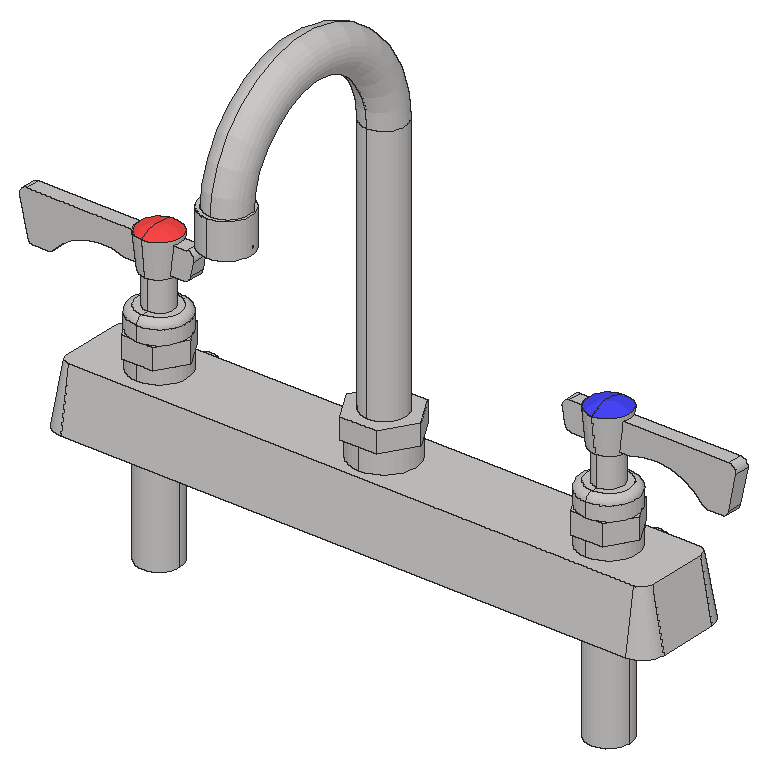
Revit family "Krowne_15-525L_DeckMount_Faucet", category Plumbing Fixtures, Revit 2018
Family settings
  Round Connector Dimension = Use Diameter
  Part Type = Normal
  OmniClass Number = 23.40.40.00
  OmniClass Title = Food Service Equipment and Furnishings
  Work Plane-Based = No
  Always vertical = Yes
  Cut with Voids When Loaded = No
  Shared = No
  Room Calculation Point = No
Parameters (values of type "DefaultType")
  Width = 12 3/4"
  Weight in Pounds = 5
  Watermarked By = ""
  Waste Water Discharge Temperature [instance] = -459.67 °F
  URL Cutsheet = ""
  URL = "https://krowne.com/"
  Status [instance] = ""
  Specification by User [instance] = ""
  Specification by Manufacturer [instance] = ""
  Serial Number [instance] = ""
  Revision Code [instance] = ""
  Plumbing Remarks [instance] = ""
  Plumbing Connection Type = ""
  NAFEM Spec ID Number [instance] = ""
  Model = "15-525L"
  Masterspec [instance] = ""
  Manufacturer = "Krowne Metal"
  KCLRef = "KCL2C9,,0004c598-0000-0000-0000-000000000307,KR,15-525L ,637110199860000000,18b7abc1-2f54-4f2a-81a8-b759c5bfb6e2,16e47753-c7cd-4a90-9ce1-dd3d7b53f6a9"
  KCL SpecSheet URL = "http://kclweb.kclcad.com/imagehandler.ashx?kdoc=15-5xxl&R=KR&M=15-525L%20&VC=7&TID=KCLWeb&T=doc"
  Item Number [instance] = "-"
  Installed By [instance] = ""
  Hot Water Temperature = 100 °F
  Hot Water Size = 1/2"
  Hot Water RI Height [instance] = 0"
  Hot Water Minimum Pressure = 0.00 psi
  Hot Water Maximum Pressure = 0.00 psi
  Hot Water Flow = 0.5 GPM
  Hot Water Consumption = 0 GPM
  Hot Water Connection Height = 0"
  Height = 3 3/8"
  Furnished By [instance] = ""
  Foodservice Equipment Identifier = yes
  Description = "Deck Mount Faucet"
  Depth = 1 7/8"
  Cold Water Temperature Recommended = -459.67 °F
  Cold Water Size = 1/2"
  Cold Water RI Height [instance] = 0"
  Cold Water Minimum Pressure = 0.00 psi
  Cold Water Maximum Pressure = 0.00 psi
  Cold Water Flow = 0.5 GPM
  Cold Water Consumption = ""
  Cold Water Connection Height = 0"
  CSI MasterFormat = ""
  Assembly Code = "E1090300"
Reference planes (in)
  plane 1 "BACK": y = 0
  plane 2: z = 0
  plane 3 "LEFT": x = -18.94073
  plane 4 "RIGHT": x = -6.19073
  plane 5 "FRONT": y = -1.875
  plane 6 "TOP": z = 3.375
  plane 7 "CENTER L/R": x = -12.56573
  plane 8 "Top of Body": z = 1.0625
  plane 9: y = -0.9375
  plane 10: z = 5.9375
  plane 11: y = -4.4375
  plane 12: z = 8.5625
Forms (in)
  Sweep 1, solid, material "QF_Stainless-Polished"
    path origin (-12.56573, 0, 0) x (0, 1, 0) y (0, 0, 1)
      loop
        line (-0.9375, 1.0625) -> (-0.9375, 6.4375)
        arc (-0.9375, 6.4375) -> (-2.6875, 8.1875) -> (-4.4375, 6.4375) r 1.75
        line (-4.4375, 6.4375) -> (-4.4375, 5.9375)
    profile origin (-12.56573, -0.9375, 3.75) x (0, -1, 0) y (1, 0, 0)
      loop
        circle (0, 0) r 0.375
      loop
        circle (0, 0) r 0.25
  Extrusion 2, solid, material "QF_Stainless-Polished"
    sketch origin (0, 0, 1.0625) x (0, 1, 0) y (-1, 0, 0)
      loop
        circle (-0.9375, 12.56573) r 0.375
      loop
        circle (-0.9375, 12.56573) r 0.4375
    from 0 to 0.625
  Extrusion 3, solid, material "QF_Stainless-Polished"
    sketch origin (0, 0, 1.0625) x (0, 1, 0) y (-1, 0, 0)
      loop
        circle (-0.9375, 12.56573) r 0.5625
      loop
        circle (-0.9375, 12.56573) r 0.375
    from 0 to 0.375
  Extrusion 4, solid, material "QF_Stainless-Polished"
    sketch origin (0, 0, 1.4375) x (0, 1, 0) y (-1, 0, 0)
      loop
        line (-0.9375, 11.91391) -> (-0.37301, 12.23982) -> (-0.37301, 12.89163) -> (-0.9375, 13.21754) -> (-1.50199, 12.89163) -> (-1.50199, 12.23982) -> (-0.9375, 11.91391)
      loop
        circle (-0.9375, 12.56573) r 0.375
    from 0 to 0.375
  Extrusion 5, solid, material "QF_Stainless-Polished"
    sketch origin (-12.56573, -4.4375, 5.9375) x (0, -1, 0) y (-1, 0, 0)
      loop
        circle (0, 0) r 0.375
      loop
        circle (0, 0) r 0.4375
    from 0 to -0.625
Lines and regions (in)
  symbolic lines
    curve 1: line (-12.23982, -0.37301, 0) -> (-12.89163, -0.37301, 0)
    curve 2: line (-12.89163, -0.37301, 0) -> (-13.21754, -0.9375, 0)
    curve 3: line (-13.21754, -0.9375, 0) -> (-12.94073, -1.41696, 0)
    curve 4: line (-12.19073, -1.41696, 0) -> (-11.91391, -0.9375, 0)
    curve 5: line (-11.91391, -0.9375, 0) -> (-12.23982, -0.37301, 0)
    curve 6: arc (-12.56573, -1.3125, 0) -> (-12.94073, -0.9375, 0) -> (-12.56573, -0.5625, 0) r 0.375
    curve 7: arc (-12.56573, -0.5625, 0) -> (-12.19073, -0.9375, 0) -> (-12.56573, -1.3125, 0) r 0.375
    curve 8: arc (-12.94073, -4.4375, 0) -> (-12.83089, -4.70267, 0) -> (-12.56573, -4.8125, 0) r 0.375
    curve 9: arc (-12.56573, -4.8125, 0) -> (-12.30056, -4.70267, 0) -> (-12.19073, -4.4375, 0) r 0.375
    curve 10: line (-12.94073, -4.4375, 0) -> (-12.94073, -0.9375, 0)
    curve 11: line (-12.19073, -0.9375, 0) -> (-12.19073, -4.4375, 0)
Dimensions and locks (in)
  "Width": plane 3 "LEFT" to plane 4 "RIGHT"
  "Depth": plane 5 "FRONT" to plane 1 "BACK"
  "Height": plane 6 "TOP" to plane 2
  plane 8 "Top of Body" to level = 1 1/16"
  equal spacing: plane 5 "FRONT", plane 9, plane 1 "BACK"
  equal spacing: plane 3 "LEFT", plane 7 "CENTER L/R", plane 4 "RIGHT"
  plane 10 to plane 8 "Top of Body" = 4 7/8"
  plane 11 to plane 1 "BACK" = 4 7/16"
  plane 12 to plane 8 "Top of Body" = 7 1/2"
  aligned and locked: level to plane 2
  aligned and locked: plane 9 to Sweep 1 sketch curve
  aligned and locked: Sweep 1 sketch curve to plane 11
  aligned and locked: plane 10 to Sweep 1 sketch curve
Automatic sketch dimensions
  Sweep 1 sketch curve to plane 8 "Top of Body" = 0"
  Sweep 1 sketch curve to Sweep 1 sketch curve = 0"  (x2)
  Sweep 1 sketch curve to plane 7 "CENTER L/R" = 0"
  Sweep 1 sketch curve to profile plane = 0"
  Extrusion 2 sketch curve to Extrusion 2 sketch curve = 0"  (x2)
  Extrusion 2 sketch curve to plane 7 "CENTER L/R" = 0"
  plane 9 to Extrusion 2 sketch curve = 0"
  Extrusion 4 sketch curve to Extrusion 4 sketch curve = 0"  (x2)
  Extrusion 4 sketch curve to Extrusion 4 sketch curve = 0.56449"  (x2)
  Extrusion 4 sketch curve to Extrusion 4 sketch curve = 0.32591"  (x5)
  Extrusion 4 sketch curve to Extrusion 4 sketch curve = 0.65182"
  curve 8 to curve 9 = 0"
  plane 9 to curve 2 = 0"
  plane 11 to curve 10 = 0"
  plane 9 to curve 10 = 0"
  curve 6 to plane 7 "CENTER L/R" = 0"
  plane 9 to curve 11 = 0"
  plane 9 to curve 4 = 0"
  plane 9 to curve 6 = 0"
  curve 1 to plane 7 "CENTER L/R" = 0.32591"
  curve 10 to curve 8 = 3/8"
  curve 3 to curve 10 = 0.27682"
  plane 7 "CENTER L/R" to curve 5 = 0.32591"
  curve 11 to curve 4 = 0.27682"
  plane 1 "BACK" to curve 1 = 0.37301"
  curve 3 to curve 6 = 0.10446"
  curve 4 to curve 6 = 0.10446"
  Extrusion 3 sketch curve to Extrusion 3 sketch curve = 0"  (x2)
  Extrusion 3 sketch curve to plane 7 "CENTER L/R" = 0"
  plane 9 to Extrusion 3 sketch curve = 0"
  Sweep 1 sketch curve to Sweep 1 sketch curve = 1/2"
  radius of Sweep 1 sketch curve = 3/8"
  radius of Sweep 1 sketch curve = 1/4"
  radius of Extrusion 2 sketch curve = 3/8"
  radius of Extrusion 2 sketch curve = 7/16"
  radius of Extrusion 4 sketch curve to Extrusion 3 = 0"
  radius of Extrusion 5 sketch curve to Sweep 1 = 0"
  radius of Sweep 1 to Extrusion 5 sketch curve = 1/16"
  radius of Extrusion 3 sketch curve = 9/16"
  radius of Extrusion 3 sketch curve = 3/8"
Nested families (in)
  nested 1: "QF_Krowne_15-5_Body" at (-0.1875, -0.03125, 0), type "QF_Krowne_15-5_Body"
Connectors (in)
  piping at (-16.56573, 0.21875, 0.53125), diameter 0.5, driven by "Hot Water Flow", driven by "Hot Water Size"
    settings: on nested 1, index 1, connector inside diameter 24", connector length 0", flow factor 0, pipe flow 0.5 GPM, pressure drop 0.00 psi, fitting loss kfactor 0, connector angle 0.00°, fixture units 0, engagement length 0", angle of deflection 0.00°, flow configuration 1, flow direction 1, fitting loss method 0, system type 19, joint type 0, gender type 0, connector reference index -1, connector utility 0, adjustable connector no, is connector primary yes, connector description "HOT WATER"
  piping at (-8.56573, 0.21875, 0.53125), diameter 0.5, driven by "Cold Water Flow", driven by "Cold Water Size"
    settings: on nested 1, index 2, connector inside diameter 24", connector length 0", flow factor 0, pipe flow 0.5 GPM, pressure drop 0.00 psi, fitting loss kfactor 0, connector angle 0.00°, fixture units 0, engagement length 0", angle of deflection 0.00°, flow configuration 1, flow direction 1, fitting loss method 0, system type 20, joint type 0, gender type 0, connector reference index -1, connector utility 0, adjustable connector no, is connector primary no, connector description "COLD WATER"
Definition of nested family "QF_Krowne_15-5_Body"
  Parameters (values of type "QF_Krowne_15-5_Body")
    Width = 12 3/4"
    Watermarked By = ""
    Height = 3 7/8"
    Description = ""
    Depth = 1 13/16"
  Reference planes (in)
    plane 1 "BACK": y = 0
    plane 2: z = 0
    plane 3 "LEFT": x = -18.75323
    plane 4 "RIGHT": x = -6.00323
    plane 5 "TOP": z = 3.1875
    plane 6 "Center": x = -12.37823
    plane 7 "Left of Handle": x = -16.37823
    plane 8 "Right of Handle": x = -8.37823
    plane 9 "Top of Body": z = 1.0625
    plane 10 "FRONT": y = -1.8125
    plane 11: x = -17.78448
    plane 12: x = -6.97198
    plane 13 "Faucet Handle Center": y = -0.90625
    plane 14: y = -0.78125
    plane 15: y = -1.03125
    plane 16: z = 0.53125
    plane 17: z = 3.375
  Forms (in)
    Blend 1, solid
      base sketch origin (0, 0, 0) x (1, 0, 0) y (0, 1, 0)
        loop
          line (-17.40948, -1.8125) -> (-7.34698, -1.8125)
          arc (-7.34698, -1.8125) -> (-7.08181, -1.70267) -> (-6.97198, -1.4375) r 0.375
          line (-6.97198, -1.4375) -> (-6.97198, -0.375)
          arc (-6.97198, -0.375) -> (-7.08181, -0.10983) -> (-7.34698, 0) r 0.375
          line (-7.34698, 0) -> (-17.40948, 0)
          arc (-17.40948, 0) -> (-17.67464, -0.10983) -> (-17.78448, -0.375) r 0.375
          line (-17.78448, -0.375) -> (-17.78448, -1.4375)
          arc (-17.78448, -1.4375) -> (-17.67464, -1.70267) -> (-17.40948, -1.8125) r 0.375
      top sketch origin (0, 0, 0) x (1, 0, 0) y (0, 1, 0)
        loop
          arc (-17.59698, -1.4375) -> (-17.54206, -1.57008) -> (-17.40948, -1.625) r 0.1875
          line (-17.40948, -1.625) -> (-7.34698, -1.625)
          arc (-7.34698, -1.625) -> (-7.21439, -1.57008) -> (-7.15948, -1.4375) r 0.1875
          line (-7.15948, -1.4375) -> (-7.15948, -0.375)
          arc (-7.15948, -0.375) -> (-7.21439, -0.24242) -> (-7.34698, -0.1875) r 0.1875
          line (-7.34698, -0.1875) -> (-17.40948, -0.1875)
          arc (-17.40948, -0.1875) -> (-17.54206, -0.24242) -> (-17.59698, -0.375) r 0.1875
          line (-17.59698, -0.375) -> (-17.59698, -1.4375)
      from 0 to 1.0625
    Extrusion 2, solid
      sketch origin (0, 0, 1.0625) x (0, 1, 0) y (-1, 0, 0)
        loop
          circle (-0.90625, 16.37823) r 0.5
        loop
          circle (-0.90625, 8.37823) r 0.5
      from 0 to 0.25
    Extrusion 3, solid
      sketch origin (0, 0, 1.3125) x (0, 1, 0) y (-1, 0, 0)
        loop
          line (-0.90625, 15.81573) -> (-0.41911, 16.09698) -> (-0.41911, 16.65948) -> (-0.90625, 16.94073) -> (-1.39339, 16.65948) -> (-1.39339, 16.09698) -> (-0.90625, 15.81573)
        loop
          line (-0.90625, 7.81573) -> (-0.41911, 8.09698) -> (-0.41911, 8.65948) -> (-0.90625, 8.94073) -> (-1.39339, 8.65948) -> (-1.39339, 8.09698) -> (-0.90625, 7.81573)
      from 0 to 0.375
    Revolve 4, solid
      sketch origin (-16.37823, 0, 0) x (0, 1, 0) y (0, 0, 1)
        loop
          line (-0.90625, 1.6875) -> (-0.40625, 1.6875) -> (-0.40625, 1.9375)
          arc (-0.40625, 1.9375) -> (-0.44286, 2.02589) -> (-0.53125, 2.0625) r 0.125
          line (-0.53125, 2.0625) -> (-0.90625, 2.0625) -> (-0.90625, 1.6875)
        axis (-0.90625, 1.6875) -> (-0.90625, 2.0625)
      angle from 0 to 360
    Revolve 5, solid
      sketch origin (-8.37823, 0, 0) x (0, 1, 0) y (0, 0, 1)
        loop
          line (-0.90625, 1.6875) -> (-0.40625, 1.6875) -> (-0.40625, 1.9375)
          arc (-0.40625, 1.9375) -> (-0.44286, 2.02589) -> (-0.53125, 2.0625) r 0.125
          line (-0.53125, 2.0625) -> (-0.90625, 2.0625) -> (-0.90625, 1.6875)
        axis (-0.90625, 1.6875) -> (-0.90625, 2.0625)
      angle from 0 to 360
    Revolve 6, solid
      sketch origin (-8.37823, 0, 0) x (0, 1, 0) y (0, 0, 1)
        loop
          line (-0.90625, 2.0625) -> (-0.65625, 2.0625) -> (-0.65625, 2.625) -> (-0.90625, 2.625) -> (-0.90625, 2.0625)
        axis (-0.90625, 2.0625) -> (-0.90625, 2.625)
      angle from 0 to 360
    Revolve 7, solid
      sketch origin (-16.37823, 0, 0) x (0, 1, 0) y (0, 0, 1)
        loop
          line (-0.90625, 2.0625) -> (-0.65625, 2.0625) -> (-0.65625, 2.625) -> (-0.90625, 2.625) -> (-0.90625, 2.0625)
        axis (-0.90625, 2.0625) -> (-0.90625, 2.625)
      angle from 0 to 360
    Revolve 8, solid
      sketch origin (-16.37823, 0, 0) x (0, 1, 0) y (0, 0, 1)
        loop
          line (-0.90625, 2.625) -> (-0.59375, 2.625) -> (-0.53125, 3.25) -> (-0.90625, 3.25) -> (-0.90625, 2.625)
        axis (-0.90625, 2.625) -> (-0.90625, 3.25)
      angle from 0 to 360
    Revolve 9, solid
      sketch origin (-8.37823, 0, 0) x (0, 1, 0) y (0, 0, 1)
        loop
          line (-0.90625, 2.625) -> (-0.59375, 2.625) -> (-0.53125, 3.25) -> (-0.90625, 3.25) -> (-0.90625, 2.625)
        axis (-0.90625, 2.625) -> (-0.90625, 3.25)
      angle from 0 to 360
    Revolve 10, solid
      sketch origin (-16.37823, 0, 0) x (0, 1, 0) y (0, 0, 1)
        loop
          line (-0.90625, 3.25) -> (-0.53125, 3.25)
          arc (-0.53125, 3.25) -> (-0.70704, 3.34763) -> (-0.90625, 3.375) r 0.54601
          line (-0.90625, 3.375) -> (-0.90625, 3.25)
        axis (-0.90625, 3.25) -> (-0.90625, 3.375)
      angle from 0 to 360
    Revolve 11, solid
      sketch origin (-8.37823, 0, 0) x (0, 1, 0) y (0, 0, 1)
        loop
          line (-0.90625, 3.25) -> (-0.53125, 3.25)
          arc (-0.53125, 3.25) -> (-0.70704, 3.34763) -> (-0.90625, 3.375) r 0.54601
          line (-0.90625, 3.375) -> (-0.90625, 3.25)
        axis (-0.90625, 3.25) -> (-0.90625, 3.375)
      angle from 0 to 360
    Extrusion 12, solid
      sketch origin (0, 0, 0) x (1, 0, 0) y (0, 0, 1)
        loop
          circle (-16.37823, 0.53125) r 0.25
        loop
          circle (-8.37823, 0.53125) r 0.25
      from 0.21074 to -0.25
    Extrusion 13, solid
      sketch origin (0, -0.90625, 0) x (1, 0, 0) y (0, 0, 1)
        loop
          arc (-18.62823, 3.1875) -> (-18.72489, 3.14175) -> (-18.7508, 3.03799) r 0.125
          line (-18.7508, 3.03799) -> (-18.62581, 2.41303)
          arc (-18.62581, 2.41303) -> (-18.58249, 2.34087) -> (-18.50324, 2.31254) r 0.125
          line (-18.50324, 2.31254) -> (-18.25335, 2.31254)
          arc (-18.25335, 2.31254) -> (-18.20057, 2.32423) -> (-18.15766, 2.35712) r 0.125
          arc (-18.15766, 2.35712) -> (-17.58494, 2.72229) -> (-16.90628, 2.69449) r 1.13354
          arc (-16.90628, 2.69449) -> (-16.88545, 2.68898) -> (-16.86398, 2.68712) r 0.125
          line (-16.86398, 2.68712) -> (-15.83077, 2.68712)
          arc (-15.83077, 2.68712) -> (-15.75152, 2.71545) -> (-15.7082, 2.78761) r 0.125
          line (-15.7082, 2.78761) -> (-15.65813, 3.03799)
          arc (-15.65813, 3.03799) -> (-15.68403, 3.14175) -> (-15.7807, 3.1875) r 0.125
          line (-15.7807, 3.1875) -> (-18.62823, 3.1875)
        loop
          line (-6.12823, 3.1875) -> (-8.97575, 3.1875)
          arc (-8.97575, 3.1875) -> (-9.07242, 3.14175) -> (-9.09832, 3.03799) r 0.125
          line (-9.09832, 3.03799) -> (-9.04825, 2.78761)
          arc (-9.04825, 2.78761) -> (-9.00493, 2.71545) -> (-8.92568, 2.68712) r 0.125
          line (-8.92568, 2.68712) -> (-7.89247, 2.68712)
          arc (-7.89247, 2.68712) -> (-7.871, 2.68898) -> (-7.85017, 2.69449) r 0.125
          arc (-7.85017, 2.69449) -> (-7.17151, 2.72229) -> (-6.59879, 2.35712) r 1.13354
          arc (-6.59879, 2.35712) -> (-6.55588, 2.32423) -> (-6.5031, 2.31254) r 0.125
          line (-6.5031, 2.31254) -> (-6.25321, 2.31254)
          arc (-6.25321, 2.31254) -> (-6.17396, 2.34087) -> (-6.13064, 2.41303) r 0.125
          line (-6.13064, 2.41303) -> (-6.00565, 3.03799)
          arc (-6.00565, 3.03799) -> (-6.03156, 3.14175) -> (-6.12823, 3.1875) r 0.125
      from -0.125 to 0.125
    Extrusion 14, solid
      sketch origin (0, 0, 0) x (1, 0, 0) y (0, 1, 0)
        loop
          circle (-16.37823, -0.90625) r 0.375
      from 0 to -2
    Extrusion 15, solid
      sketch origin (0, 0, 0) x (1, 0, 0) y (0, 1, 0)
        loop
          circle (-8.37823, -0.90625) r 0.375
      from 0 to -2
  Lines and regions (in)
    symbolic lines
      curve 1: line (-18.75323, -0.78125, 1.0625) -> (-15.6557, -0.78125, 1.0625)
      curve 2: line (-18.75323, -1.03125, 1.0625) -> (-18.75323, -0.78125, 1.0625)
      curve 3: line (-15.6557, -1.03125, 1.0625) -> (-18.75323, -1.03125, 1.0625)
      curve 4: line (-15.6557, -0.78125, 1.0625) -> (-15.6557, -1.03125, 1.0625)
      curve 5: line (-6.00323, -0.78125, 1.0625) -> (-9.10075, -0.78125, 1.0625)
      curve 6: line (-6.00323, -1.03125, 1.0625) -> (-6.00323, -0.78125, 1.0625)
      curve 7: line (-9.10075, -1.03125, 1.0625) -> (-6.00323, -1.03125, 1.0625)
      curve 8: line (-9.10075, -0.78125, 1.0625) -> (-9.10075, -1.03125, 1.0625)
      curve 9: line (-7.34698, 0, 1.0625) -> (-17.40948, 0, 1.0625)
      curve 10: line (-6.97198, -1.4375, 1.0625) -> (-6.97198, -1.03125, 1.0625)
      curve 11: line (-17.40948, -1.8125, 1.0625) -> (-7.34698, -1.8125, 1.0625)
      curve 12: line (-17.78448, -0.375, 1.0625) -> (-17.78448, -0.78125, 1.0625)
      curve 13: line (-17.78448, -1.03125, 1.0625) -> (-17.78448, -1.4375, 1.0625)
      curve 14: line (-6.97198, -0.78125, 1.0625) -> (-6.97198, -0.375, 1.0625)
      curve 15: line (-16.65948, -0.41911, 1.0625) -> (-16.86856, -0.78125, 1.0625)
      curve 16: line (-16.65948, -0.41911, 1.0625) -> (-16.09698, -0.41911, 1.0625)
      curve 17: line (-16.09698, -0.41911, 1.0625) -> (-15.88789, -0.78125, 1.0625)
      curve 18: line (-16.09698, -1.39339, 1.0625) -> (-16.65948, -1.39339, 1.0625)
      curve 19: line (-16.65948, -1.39339, 1.0625) -> (-16.86856, -1.03125, 1.0625)
      curve 20: line (-16.09698, -1.39339, 1.0625) -> (-15.88789, -1.03125, 1.0625)
      curve 21: line (-8.65948, -0.41911, 1.0625) -> (-8.09698, -0.41911, 1.0625)
      curve 22: line (-8.09698, -0.41911, 1.0625) -> (-7.88789, -0.78125, 1.0625)
      curve 23: line (-8.65948, -0.41911, 1.0625) -> (-8.86856, -0.78125, 1.0625)
      curve 24: line (-8.09698, -1.39339, 1.0625) -> (-8.65948, -1.39339, 1.0625)
      curve 25: line (-8.65948, -1.39339, 1.0625) -> (-8.86856, -1.03125, 1.0625)
      curve 26: line (-8.09698, -1.39339, 1.0625) -> (-7.88789, -1.03125, 1.0625)
      curve 27: arc (-17.78448, -0.375, 1.0625) -> (-17.67464, -0.10983, 1.0625) -> (-17.40948, 0, 1.0625) r 0.375
      curve 28: arc (-6.97198, -0.375, 1.0625) -> (-7.08181, -0.10983, 1.0625) -> (-7.34698, 0, 1.0625) r 0.375
      curve 29: arc (-6.97198, -1.4375, 1.0625) -> (-7.08181, -1.70267, 1.0625) -> (-7.34698, -1.8125, 1.0625) r 0.375
      curve 30: arc (-17.40948, -1.8125, 1.0625) -> (-17.67464, -1.70267, 1.0625) -> (-17.78448, -1.4375, 1.0625) r 0.375
      curve 31: line (-7.34698, -0.1875, 1.0625) -> (-17.40948, -0.1875, 1.0625)
      curve 32: arc (-17.40948, -0.1875, 1.0625) -> (-17.54206, -0.24242, 1.0625) -> (-17.59698, -0.375, 1.0625) r 0.1875
      curve 33: arc (-17.59698, -1.4375, 1.0625) -> (-17.54206, -1.57008, 1.0625) -> (-17.40948, -1.625, 1.0625) r 0.1875
      curve 34: line (-17.40948, -1.625, 1.0625) -> (-7.34698, -1.625, 1.0625)
      curve 35: arc (-7.34698, -1.625, 1.0625) -> (-7.21439, -1.57008, 1.0625) -> (-7.15948, -1.4375, 1.0625) r 0.1875
      curve 36: arc (-7.15948, -0.375, 1.0625) -> (-7.21439, -0.24242, 1.0625) -> (-7.34698, -0.1875, 1.0625) r 0.1875
      curve 37: line (-7.15948, -0.375, 1.0625) -> (-7.15948, -0.78125, 1.0625)
      curve 38: line (-7.15948, -1.4375, 1.0625) -> (-7.15948, -1.03125, 1.0625)
      curve 39: line (-17.59698, -1.4375, 1.0625) -> (-17.59698, -1.03125, 1.0625)
      curve 40: line (-17.59698, -0.375, 1.0625) -> (-17.59698, -0.78125, 1.0625)
  Dimensions and locks (in)
    "Width": plane 3 "LEFT" to plane 4 "RIGHT"
    plane 9 "Top of Body" to level = 1 1/16"
    equal spacing: plane 10 "FRONT", plane 13 "Faucet Handle Center", plane 1 "BACK"
    equal spacing: plane 15, plane 13 "Faucet Handle Center", plane 14
    locked: plane 15 to plane 14 at 0.25
    equal spacing: plane 9 "Top of Body", plane 16, level
    "Depth": plane 10 "FRONT" to plane 1 "BACK"
    plane 5 "TOP" to level = 3 3/16"
    plane 17 to level = 3 3/8"
    plane 7 "Left of Handle" to plane 8 "Right of Handle" = 8"
    equal spacing: plane 7 "Left of Handle", plane 6 "Center", plane 8 "Right of Handle"
    locked: plane 3 "LEFT" to plane 11 at 0.96875
    locked: plane 12 to plane 4 "RIGHT" at 0.96875
    aligned and locked: level to plane 2
    aligned and locked: plane 9 "Top of Body" to Blend 1
    aligned and locked: Extrusion 3 to Revolve 5 sketch curve
    aligned and locked: Revolve 8 sketch curve to Revolve 8 sketch curve
    aligned and locked: Revolve 9 sketch curve to Revolve 9 sketch curve
    aligned and locked: plane 4 "RIGHT" to curve 6
    aligned and locked: curve 12 to plane 11
    aligned and locked: plane 10 "FRONT" to Blend 1 sketch curve
    aligned and locked: Blend 1 sketch curve to plane 11
    aligned and locked: plane 10 "FRONT" to curve 11
    aligned and locked: plane 13 "Faucet Handle Center" to Revolve 5 sketch curve
    aligned and locked: Extrusion 13 to plane 14
    aligned and locked: plane 15 to Extrusion 13
  Automatic sketch dimensions
    Extrusion 2 sketch curve to plane 8 "Right of Handle" = 0"
    plane 13 "Faucet Handle Center" to Extrusion 2 sketch curve = 0"  (x2)
    Extrusion 2 sketch curve to plane 7 "Left of Handle" = 0"
    Revolve 4 sketch curve to plane 13 "Faucet Handle Center" = 0"  (x2)
    Revolve 4 sketch curve to Revolve 4 sketch curve = 3/8"
    Revolve 4 sketch curve to Revolve 4 sketch curve = 1/8"
    plane 9 "Top of Body" to Revolve 4 sketch curve = 5/8"
    Revolve 4 sketch curve to Revolve 4 sketch curve = 1/4"
    Revolve 4 sketch curve to Revolve 4 sketch curve = 0"  (x2)
    Revolve 5 sketch curve to plane 13 "Faucet Handle Center" = 0"
    Revolve 5 sketch curve to Revolve 5 sketch curve = 3/8"
    Revolve 5 sketch curve to Revolve 5 sketch curve = 1/8"
    Revolve 5 sketch curve to Revolve 5 sketch curve = 0"  (x2)
    Revolve 5 sketch curve to Revolve 5 sketch curve = 1/4"
    Revolve 6 sketch curve to plane 13 "Faucet Handle Center" = 0"  (x2)
    Revolve 6 sketch curve to plane 13 "Faucet Handle Center" = 1/4"
    plane 9 "Top of Body" to Revolve 6 sketch curve = 1"
    Revolve 6 sketch curve to Revolve 6 sketch curve = 9/16"
    Revolve 6 sketch curve to Revolve 6 sketch curve = 3/8"
    Revolve 6 sketch curve to Revolve 6 sketch curve = 0"
    Revolve 7 sketch curve to plane 13 "Faucet Handle Center" = 0"  (x2)
    Revolve 7 sketch curve to Revolve 7 sketch curve = 1/4"
    plane 9 "Top of Body" to Revolve 7 sketch curve = 1"
    Revolve 7 sketch curve to Revolve 7 sketch curve = 9/16"
    Revolve 7 sketch curve to Revolve 7 sketch curve = 3/8"
    Revolve 7 sketch curve to Revolve 7 sketch curve = 0"
    Revolve 8 sketch curve to plane 13 "Faucet Handle Center" = 0"
    Revolve 8 sketch curve to Revolve 8 sketch curve = 5/16"
    plane 5 "TOP" to Revolve 8 sketch curve = 1/16"
    Revolve 8 sketch curve to Revolve 8 sketch curve = 3/8"
    Revolve 8 sketch curve to plane 5 "TOP" = 9/16"
    Revolve 8 sketch curve to Revolve 8 sketch curve = 0"  (x2)
    Revolve 9 sketch curve to plane 13 "Faucet Handle Center" = 0"
    Revolve 9 sketch curve to plane 13 "Faucet Handle Center" = 5/16"
    plane 5 "TOP" to Revolve 9 sketch curve = 1/16"
    Revolve 9 sketch curve to plane 13 "Faucet Handle Center" = 3/8"
    Revolve 9 sketch curve to plane 5 "TOP" = 9/16"
    Revolve 9 sketch curve to Revolve 9 sketch curve = 0"  (x2)
    Revolve 10 sketch curve to plane 13 "Faucet Handle Center" = 0"  (x2)
    Revolve 10 sketch curve to plane 13 "Faucet Handle Center" = 0.02655"
    plane 5 "TOP" to Revolve 10 sketch curve = 1/16"
    Revolve 10 sketch curve to Revolve 10 sketch curve = 3/8"
    Revolve 10 sketch curve to plane 5 "TOP" = 0.35786"
    Revolve 10 sketch curve to Revolve 10 sketch curve = 0"  (x2)
    Revolve 11 sketch curve to plane 13 "Faucet Handle Center" = 0"  (x2)
    Revolve 11 sketch curve to plane 13 "Faucet Handle Center" = 0.02655"
    plane 5 "TOP" to Revolve 11 sketch curve = 1/16"
    Revolve 11 sketch curve to Revolve 11 sketch curve = 3/8"
    Revolve 11 sketch curve to plane 5 "TOP" = 0.35786"
    Revolve 11 sketch curve to Revolve 11 sketch curve = 0"  (x2)
    Extrusion 12 sketch curve to plane 7 "Left of Handle" = 0"
    Extrusion 12 sketch curve to plane 8 "Right of Handle" = 0"
    Extrusion 12 sketch curve to plane 16 = 0"  (x2)
    plane 11 to Blend 1 sketch curve = 3/8"
    Blend 1 sketch curve to Blend 1 sketch curve = 3/8"
    plane 1 "BACK" to Blend 1 sketch curve = 3/8"  (x2)
    Blend 1 sketch curve to plane 12 = 3/8"
    Blend 1 sketch curve to plane 12 = 3/16"
    Blend 1 sketch curve to Blend 1 sketch curve = 3/16"  (x4)
    plane 11 to Blend 1 sketch curve = 3/16"
    Blend 1 sketch curve to plane 10 "FRONT" = 3/8"
    plane 1 "BACK" to Blend 1 sketch curve = 0"
    Blend 1 sketch curve to plane 12 = 0"
    curve 27 to curve 32 = 0"  (x2)
    curve 28 to curve 36 = 0"  (x2)
    curve 29 to curve 35 = 0"  (x2)
    curve 30 to curve 33 = 0"  (x2)
    curve 30 to plane 11 = 0"
    curve 29 to plane 12 = 0"
    plane 15 to curve 4 = 0"
    plane 15 to curve 26 = 0"
    plane 14 to curve 40 = 0"
    plane 14 to curve 23 = 0"
    curve 14 to plane 12 = 0"
    plane 1 "BACK" to curve 9 = 0"
    curve 34 to plane 10 "FRONT" = 3/16"
    curve 33 to curve 33 = 3/16"
    curve 34 to curve 35 = 3/16"
    plane 15 to curve 26 = 0.36214"
    plane 15 to curve 20 = 0.36214"
    curve 17 to plane 14 = 0.36214"
    curve 23 to plane 14 = 0.36214"
    curve 27 to curve 27 = 3/8"
    plane 1 "BACK" to curve 14 = 3/8"
    curve 31 to curve 28 = 3/16"
    plane 8 "Right of Handle" to curve 22 = 9/32"
    plane 8 "Right of Handle" to curve 24 = 9/32"
    curve 24 to plane 8 "Right of Handle" = 9/32"
    curve 21 to plane 8 "Right of Handle" = 9/32"
    curve 21 to curve 8 = 0.44128"
    plane 7 "Left of Handle" to curve 4 = 0.72253"
    plane 7 "Left of Handle" to curve 20 = 9/32"
    plane 7 "Left of Handle" to curve 17 = 9/32"
    curve 19 to plane 7 "Left of Handle" = 9/32"
    curve 16 to plane 7 "Left of Handle" = 9/32"
    curve 2 to plane 3 "LEFT" = 0"
    curve 22 to curve 21 = 0.20908"
    curve 26 to curve 22 = 0"
    curve 23 to curve 5 = 0.2322"
    curve 25 to curve 7 = 0.2322"
    curve 3 to curve 20 = 0.2322"
    curve 1 to curve 17 = 0.2322"
    curve 18 to curve 19 = 0.20908"
    curve 15 to curve 19 = 0"
    Extrusion 3 sketch curve to Extrusion 3 sketch curve = 0"
    Extrusion 3 sketch curve to Extrusion 3 sketch curve = 0.48714"  (x6)
    Extrusion 3 sketch curve to Extrusion 3 sketch curve = 9/32"  (x6)
    Extrusion 3 sketch curve to Extrusion 3 sketch curve = 9/16"  (x4)
    Extrusion 3 sketch curve to Extrusion 3 sketch curve = 6 7/8"
    Extrusion 13 sketch curve to plane 5 "TOP" = 0"  (x2)
    Extrusion 13 sketch curve to plane 7 "Left of Handle" = 2.37257"
    Extrusion 13 sketch curve to plane 7 "Left of Handle" = 2 1/4"
    Extrusion 13 sketch curve to plane 7 "Left of Handle" = 2.24759"
    Extrusion 13 sketch curve to plane 7 "Left of Handle" = 2 1/8"
    Extrusion 13 sketch curve to Extrusion 13 sketch curve = 0.24989"
    plane 9 "Top of Body" to Extrusion 13 sketch curve = 0.56533"  (x2)
    Extrusion 13 sketch curve to Extrusion 13 sketch curve = 0.96348"
    Extrusion 13 sketch curve to plane 5 "TOP" = 0.50038"  (x2)
    Extrusion 13 sketch curve to Extrusion 13 sketch curve = 0.42589"  (x2)
    Extrusion 13 sketch curve to Extrusion 13 sketch curve = 1.03321"  (x2)
    Extrusion 13 sketch curve to plane 5 "TOP" = 1/8"  (x2)
    Extrusion 13 sketch curve to Extrusion 13 sketch curve = 0.05007"  (x2)
    Extrusion 13 sketch curve to plane 5 "TOP" = 0.39989"  (x2)
    Extrusion 13 sketch curve to Extrusion 13 sketch curve = 0.12257"  (x3)
    Extrusion 13 sketch curve to plane 5 "TOP" = 0.14951"  (x4)
    plane 6 "Center" to Extrusion 13 sketch curve = 3.2799"
    plane 8 "Right of Handle" to Extrusion 13 sketch curve = 1.87513"
    plane 8 "Right of Handle" to Extrusion 13 sketch curve = 2 1/8"
    plane 8 "Right of Handle" to Extrusion 13 sketch curve = 2.24759"
    plane 8 "Right of Handle" to Extrusion 13 sketch curve = 2 1/4"
    Extrusion 13 sketch curve to plane 5 "TOP" = 0.87496"
    Extrusion 13 sketch curve to Extrusion 13 sketch curve = 0.74996"
    Extrusion 13 sketch curve to Extrusion 13 sketch curve = 0.10049"  (x2)
    Extrusion 13 sketch curve to Extrusion 13 sketch curve = 1/8"  (x4)
    Extrusion 13 sketch curve to Extrusion 13 sketch curve = 0"  (x2)
    Extrusion 14 sketch curve to plane 7 "Left of Handle" = 0"
    plane 13 "Faucet Handle Center" to Extrusion 14 sketch curve = 0"
    Extrusion 15 sketch curve to plane 8 "Right of Handle" = 0"
    plane 13 "Faucet Handle Center" to Extrusion 15 sketch curve = 0"
    radius of Extrusion 2 sketch curve = 1/2"  (x2)
    radius of Extrusion 12 sketch curve = 1/4"  (x2)
    radius of Extrusion 14 sketch curve = 3/8"
    radius of Extrusion 15 sketch curve = 3/8"
